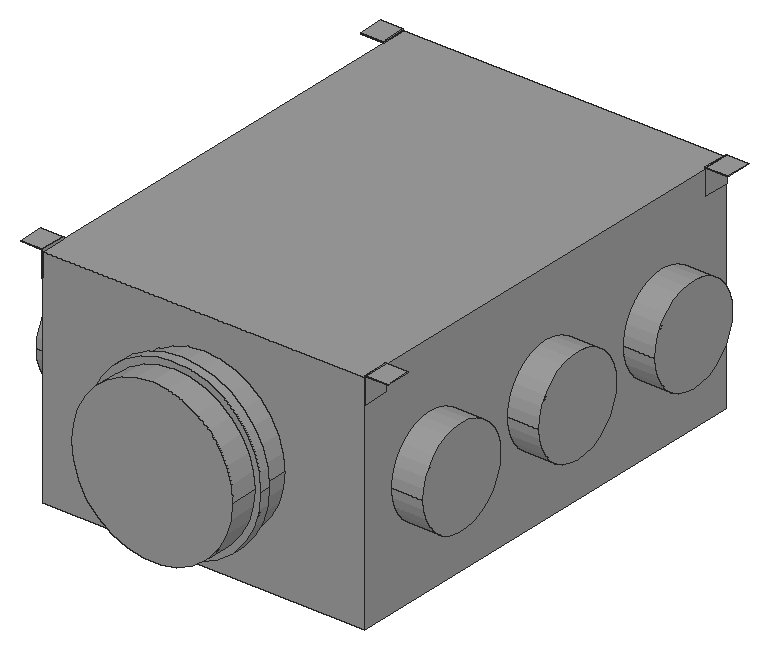
Revit family "FASU(F8-150 250Φ)", category ダクト付属品, Revit 2022
Family settings
  丸型コネクタ寸法 = 直径を使用
  パーツ タイプ = ダンパー
  OmniClass 番号 = 23.75.00.00
  OmniClass タイトル = Climate Control (HVAC)
  作業面ベース = いいえ
  常に垂直 = はい
  ロード時にボイドで切り取り = いいえ
  共有 = いいえ
Parameters
  高さ = 350 mm
  風量 = 0.0 L/s
  符号 = "FASU"
  形式 = "F8-150 250φ"
  幅 [instance] = 500 mm
  奥行き = 700 mm
  大きさ = 250 mm
  呼称 = "FASUチャンバー"
  付属品_下端レベル [instance] = 0 mm
  マテリアル [instance] = 既定値
  ダクト_イン = 250 mm
  ダクト_アウト = 150 mm
  既定の高さ = 0 mm
Reference planes
  plane 1 "中心(正面/背面)": y = 0
  plane 2: z = 0
  plane 3 "中心(左/右)": x = 0
  plane 4: x = -250
  plane 5: x = 250
  plane 6: y = -700
  plane 7: z = 350
  plane 8: z = 175
  plane 9: z = 266.963
  plane 10: z = 86.159
  plane 11: x = -251
  plane 12: z = 313.122
  plane 13: z = 352.122
  plane 14: y = -350
Forms (mm)
  Extrusion 1, solid, material "既定値" <- "マテリアル"
    sketch origin (0, 0, 0) x (1, 0, 0) y (0, 1, 0)
      loop
        line (-250, 0) -> (-250, -700) -> (250, -700) -> (250, 0) -> (-250, 0)
    from 0 to 350
  Extrusion 2, solid, material "既定値" <- "マテリアル"
    sketch origin (0, -30, 0) x (1, 0, 0) y (0, 1, 0)
      loop
        line (-250, 30) -> (-251, 30) -> (-251, -10) -> (-250, -10) -> (-250, 30)
    from 313.122 to 350
  Extrusion 3, solid, material "既定値" <- "マテリアル"
    sketch origin (0, -30, 0) x (1, 0, 0) y (0, 1, 0)
      loop
        line (-285, 30) -> (-285, -10) -> (-251, -10) -> (-251, 30) -> (-285, 30)
    from 352.122 to 350
  Extrusion 4, solid, material "既定値" <- "マテリアル"
    sketch origin (0, -30, 0) x (-1, 0, 0) y (0, -1, 0)
      loop
        line (-250, -30) -> (-250, 10) -> (-251, 10) -> (-251, -30) -> (-250, -30)
    from 313.122 to 353.122
  Extrusion 5, solid, material "既定値" <- "マテリアル"
    sketch origin (0, -30, 0) x (-1, 0, 0) y (0, -1, 0)
      loop
        line (-285, -30) -> (-251, -30) -> (-251, 10) -> (-285, 10) -> (-285, -30)
    from 352.122 to 353.122
  Extrusion 6, solid, material "既定値" <- "マテリアル"
    sketch origin (0, -490, 0) x (1, 0, 0) y (0, 1, 0)
      loop
        line (-285, -170) -> (-285, -210) -> (-251, -210) -> (-251, -170) -> (-285, -170)
    from 352.122 to 353.122
  Extrusion 7, solid, material "既定値" <- "マテリアル"
    sketch origin (0, -490, 0) x (1, 0, 0) y (0, 1, 0)
      loop
        line (-250, -170) -> (-251, -170) -> (-251, -210) -> (-250, -210) -> (-250, -170)
    from 313.122 to 353.122
  Extrusion 8, solid, material "既定値" <- "マテリアル"
    sketch origin (0, -490, 0) x (-1, 0, 0) y (0, -1, 0)
      loop
        line (-285, 170) -> (-251, 170) -> (-251, 210) -> (-285, 210) -> (-285, 170)
    from 352.122 to 353.122
  Extrusion 9, solid, material "既定値" <- "マテリアル"
    sketch origin (0, -490, 0) x (-1, 0, 0) y (0, -1, 0)
      loop
        line (-250, 170) -> (-250, 210) -> (-251, 210) -> (-251, 170) -> (-250, 170)
    from 313.122 to 353.122
  Extrusion 10, solid, material "既定値" <- "マテリアル"
    sketch origin (550, -582.5, 0) x (0, -1, 0) y (0, 0, -1)
      loop
        circle (-232.5, -175) r 74.985
    from -300 to -250
  Extrusion 11, solid, material "既定値" <- "マテリアル"
    sketch origin (-550, -582.5, 0) x (0, -1, 0) y (0, 0, 1)
      loop
        circle (-232.5, 175) r 74.985
    from -300 to -250
  Extrusion 12, solid, material "既定値" <- "マテリアル"
    sketch origin (550, -357.5, 0) x (0, -1, 0) y (0, 0, -1)
      loop
        circle (-232.5, -175) r 74.985
    from -300 to -250
  Extrusion 13, solid, material "既定値" <- "マテリアル"
    sketch origin (-550, -357.5, 0) x (0, -1, 0) y (0, 0, 1)
      loop
        circle (-232.5, 175) r 74.985
    from -300 to -250
  Extrusion 14, solid, material "既定値" <- "マテリアル"
    sketch origin (550, -142.5, 0) x (0, 1, 0) y (0, 0, 1)
      loop
        circle (-432.5, 175) r 74.985
    from -300 to -250
  Extrusion 15, solid, material "既定値" <- "マテリアル"
    sketch origin (0, -142.5, 0) x (0, 1, 0) y (0, 0, 1)
      loop
        circle (-432.5, 175) r 74.985
    from -300 to -250
  Extrusion 16, solid, material "既定値" <- "マテリアル"
    sketch origin (345.5, 300, 0) x (1, 0, 0) y (0, 0, -1)
      loop
        circle (-232.5, -175) r 74.985
    from -300 to -250
  Extrusion 17, solid, material "既定値" <- "マテリアル"
    sketch origin (-345.5, 300, 0) x (-1, 0, 0) y (0, 0, 1)
      loop
        circle (-232.5, 175) r 74.985
    from -300 to -250
  Extrusion 18, solid, material "既定値" <- "マテリアル"
    sketch origin (0, -230, 0) x (1, 0, 0) y (0, 0, 1)
      loop
        circle (0, 175) r 125
    from 470 to 512.5
  Extrusion 19, solid, material "既定値" <- "マテリアル"
    sketch origin (0, -230, 0) x (1, 0, 0) y (0, 0, 1)
      loop
        circle (0, 175) r 135
    from 512.5 to 527.5
  Extrusion 20, solid, material "既定値" <- "マテリアル"
    sketch origin (0, -317.5, 0) x (1, 0, 0) y (0, 0, 1)
      loop
        circle (0, 175) r 125
    from 440 to 482.5
Lines and regions (mm)
  model lines
    curve 1: line (-250, -30, 0) -> (250, -30, 0)
    curve 2: line (-250, -670, 0) -> (250, -670, 0)
Text (mm)
  text "FASU(F8-150 250Φ)" at (3.713, -630.412, 0), in view "参照レベル"
Dimensions and locks
  equal spacing: plane 4, plane 3 "中心(左/右)", plane 5
  "幅": plane 4 to plane 5
  "奥行き": plane 6 to plane 1 "中心(正面/背面)"
  "高さ": plane 7 to level
  equal spacing: plane 7, plane 8, level
  equal spacing: plane 6, plane 14, plane 1 "中心(正面/背面)"
  aligned and locked: level to plane 2
  aligned and locked: Extrusion 1 sketch curve to plane 5
  aligned and locked: plane 7 to Extrusion 1
  aligned and locked: Extrusion 2 sketch curve to Extrusion 1
  aligned and locked: plane 7 to Extrusion 2
  aligned and locked: Extrusion 3 sketch curve to Extrusion 2
  aligned and locked: Extrusion 2 to Extrusion 3 sketch curve
  aligned and locked: plane 7 to Extrusion 3
  aligned and locked: Extrusion 3 to plane 13
  aligned and locked: Extrusion 4 to Extrusion 5 sketch curve
  aligned and locked: Extrusion 5 sketch curve to Extrusion 4
  aligned and locked: Extrusion 1 to Extrusion 8
  aligned and locked: Extrusion 6 to Extrusion 1
  aligned and locked: Extrusion 7 to Extrusion 1
  aligned and locked: Extrusion 1 to Extrusion 9
  aligned and locked: Extrusion 9 to Extrusion 8
  aligned and locked: Extrusion 7 to Extrusion 6
  aligned and locked: plane 4 to Extrusion 7
  aligned and locked: Extrusion 9 to plane 5
  aligned and locked: plane 4 to curve 1
  aligned and locked: plane 5 to curve 1
  aligned and locked: plane 5 to curve 2
  aligned and locked: Extrusion 1 to Extrusion 3
  aligned and locked: Extrusion 5 to Extrusion 1
  aligned and locked: Extrusion 4 to plane 5
  aligned and locked: Extrusion 1 to plane 6
  aligned and locked: Extrusion 1 to plane 1 "中心(正面/背面)"
  aligned and locked: Extrusion 12 to plane 5
  aligned and locked: plane 4 to Extrusion 13
  aligned and locked: Extrusion 14 to plane 5
  aligned and locked: plane 4 to Extrusion 15
  aligned and locked: plane 1 "中心(正面/背面)" to Extrusion 16
  aligned and locked: plane 1 "中心(正面/背面)" to Extrusion 17
  aligned and locked: Extrusion 19 to Extrusion 20
  aligned and locked: Extrusion 19 to Extrusion 18
  aligned and locked: plane 6 to Extrusion 18
Automatic sketch dimensions
  Extrusion 10 sketch curve to plane 8 = 0 mm
  Extrusion 10 sketch curve to plane 14 = 0 mm
  Extrusion 11 sketch curve to plane 8 = 0 mm
  Extrusion 11 sketch curve to plane 14 = 0 mm
  Extrusion 16 sketch curve to plane 8 = 0 mm
  plane 3 "中心(左/右)" to Extrusion 16 sketch curve = 113 mm
  Extrusion 17 sketch curve to plane 8 = 0 mm
  Extrusion 17 sketch curve to plane 3 "中心(左/右)" = 113 mm
  curve 2 to plane 4 = 0 mm
  plane 6 to curve 2 = 30 mm
  plane 1 "中心(正面/背面)" to curve 1 = 30 mm
  Extrusion 1 sketch curve to plane 4 = 0 mm
  Extrusion 1 sketch curve to plane 6 = 0 mm
  plane 1 "中心(正面/背面)" to Extrusion 1 sketch curve = 0 mm
  plane 1 "中心(正面/背面)" to Extrusion 2 sketch curve = 0 mm
  Extrusion 2 sketch curve to plane 11 = 0 mm
  Extrusion 2 sketch curve to Extrusion 2 sketch curve = 40 mm
  plane 1 "中心(正面/背面)" to Extrusion 3 sketch curve = 0 mm
  Extrusion 3 sketch curve to Extrusion 3 sketch curve = 34 mm
  plane 1 "中心(正面/背面)" to Extrusion 4 sketch curve = 0 mm
  Extrusion 4 sketch curve to plane 5 = 0 mm
  Extrusion 4 sketch curve to Extrusion 4 sketch curve = 1 mm
  Extrusion 4 sketch curve to Extrusion 4 sketch curve = 40 mm
  plane 1 "中心(正面/背面)" to Extrusion 5 sketch curve = 0 mm
  Extrusion 5 sketch curve to Extrusion 5 sketch curve = 34 mm
  Extrusion 6 sketch curve to plane 6 = 0 mm
  Extrusion 6 sketch curve to plane 11 = 0 mm
  Extrusion 6 sketch curve to plane 11 = 34 mm
  plane 6 to Extrusion 6 sketch curve = 40 mm
  Extrusion 7 sketch curve to plane 11 = 0 mm
  Extrusion 7 sketch curve to plane 4 = 0 mm
  Extrusion 7 sketch curve to plane 6 = 0 mm
  plane 6 to Extrusion 7 sketch curve = 40 mm
  Extrusion 8 sketch curve to plane 6 = 0 mm
  Extrusion 8 sketch curve to plane 5 = 35 mm
  Extrusion 8 sketch curve to plane 5 = 1 mm
  Extrusion 8 sketch curve to Extrusion 8 sketch curve = 40 mm
  Extrusion 9 sketch curve to plane 6 = 0 mm
  Extrusion 9 sketch curve to plane 5 = 0 mm
  Extrusion 9 sketch curve to Extrusion 9 sketch curve = 1 mm
  Extrusion 9 sketch curve to Extrusion 9 sketch curve = 40 mm
  Extrusion 12 sketch curve to plane 8 = 0 mm
  plane 1 "中心(正面/背面)" to Extrusion 12 sketch curve = 125 mm
  Extrusion 13 sketch curve to plane 8 = 0 mm
  plane 1 "中心(正面/背面)" to Extrusion 13 sketch curve = 125 mm
  Extrusion 14 sketch curve to plane 8 = 0 mm
  plane 6 to Extrusion 14 sketch curve = 125 mm
  Extrusion 15 sketch curve to plane 8 = 0 mm
  plane 6 to Extrusion 15 sketch curve = 125 mm
  Extrusion 18 sketch curve to plane 3 "中心(左/右)" = 0 mm
  Extrusion 18 sketch curve to plane 8 = 0 mm
  Extrusion 19 sketch curve to plane 3 "中心(左/右)" = 0 mm
  Extrusion 19 sketch curve to plane 8 = 0 mm
  Extrusion 20 sketch curve to plane 3 "中心(左/右)" = 0 mm
  Extrusion 20 sketch curve to plane 8 = 0 mm
  radius of Extrusion 10 sketch curve = 74.985 mm
  radius of Extrusion 11 sketch curve = 74.985 mm
  radius of Extrusion 16 sketch curve = 74.985 mm
  radius of Extrusion 17 sketch curve = 74.985 mm
  radius of Extrusion 12 sketch curve = 74.985 mm
  radius of Extrusion 13 sketch curve = 74.985 mm
  radius of Extrusion 14 sketch curve = 74.985 mm
  radius of Extrusion 15 sketch curve = 74.985 mm
  radius of Extrusion 18 sketch curve = 125 mm
  radius of Extrusion 19 sketch curve = 135 mm
  radius of Extrusion 20 sketch curve = 125 mm
Connectors
  hvac at (-300, -575, 175), driven by "ダクト_アウト"
    settings: on Extrusion 15, index 1, duct flow 0.0 L/s, flow factor 0, pres drop 0.0 Pa, loss coef 0, conn angle 0.00°, conn width 304.8 mm, conn height 304.8 mm, conn diameter 150 mm, duct sys type 29, conn prof type 0, flow config 0, flow direction 2, loss method 0, conn ref index -1, conn util no, is conn primary yes, conn desc ""
  hvac at (-300, -350, 175), driven by "ダクト_アウト"
    settings: on Extrusion 11, index 2, duct flow 0.0 L/s, flow factor 0, pres drop 0.0 Pa, loss coef 0, conn angle 0.00°, conn width 304.8 mm, conn height 304.8 mm, conn diameter 150 mm, duct sys type 29, conn prof type 0, flow config 0, flow direction 2, loss method 0, conn ref index -1, conn util no, is conn primary no, conn desc ""
  hvac at (-300, -125, 175), driven by "ダクト_アウト"
    settings: on Extrusion 13, index 3, duct flow 0.0 L/s, flow factor 0, pres drop 0.0 Pa, loss coef 0, conn angle 0.00°, conn width 304.8 mm, conn height 304.8 mm, conn diameter 150 mm, duct sys type 29, conn prof type 0, flow config 0, flow direction 2, loss method 0, conn ref index -1, conn util no, is conn primary no, conn desc ""
  hvac at (-113, 50, 175), driven by "ダクト_アウト"
    settings: on Extrusion 17, index 4, duct flow 0.0 L/s, flow factor 0, pres drop 0.0 Pa, loss coef 0, conn angle 0.00°, conn width 304.8 mm, conn height 304.8 mm, conn diameter 150 mm, duct sys type 29, conn prof type 0, flow config 0, flow direction 2, loss method 0, conn ref index -1, conn util no, is conn primary no, conn desc ""
  hvac at (113, 50, 175), driven by "ダクト_アウト"
    settings: on Extrusion 16, index 5, duct flow 0.0 L/s, flow factor 0, pres drop 0.0 Pa, loss coef 0, conn angle 0.00°, conn width 304.8 mm, conn height 304.8 mm, conn diameter 150 mm, duct sys type 29, conn prof type 0, flow config 0, flow direction 2, loss method 0, conn ref index -1, conn util no, is conn primary no, conn desc ""
  hvac at (300, -125, 175), driven by "ダクト_アウト"
    settings: on Extrusion 12, index 6, duct flow 0.0 L/s, flow factor 0, pres drop 0.0 Pa, loss coef 0, conn angle 0.00°, conn width 304.8 mm, conn height 304.8 mm, conn diameter 150 mm, duct sys type 29, conn prof type 0, flow config 0, flow direction 2, loss method 0, conn ref index -1, conn util no, is conn primary no, conn desc ""
  hvac at (300, -350, 175), driven by "ダクト_アウト"
    settings: on Extrusion 10, index 7, duct flow 0.0 L/s, flow factor 0, pres drop 0.0 Pa, loss coef 0, conn angle 0.00°, conn width 304.8 mm, conn height 304.8 mm, conn diameter 150 mm, duct sys type 29, conn prof type 0, flow config 0, flow direction 2, loss method 0, conn ref index -1, conn util no, is conn primary no, conn desc ""
  hvac at (300, -575, 175), driven by "ダクト_アウト"
    settings: on Extrusion 14, index 8, duct flow 0.0 L/s, flow factor 0, pres drop 0.0 Pa, loss coef 0, conn angle 0.00°, conn width 304.8 mm, conn height 304.8 mm, conn diameter 150 mm, duct sys type 29, conn prof type 0, flow config 0, flow direction 2, loss method 0, conn ref index -1, conn util no, is conn primary no, conn desc ""
  hvac at (0, -800, 175), driven by "ダクト_イン"
    settings: on Extrusion 20, index 18, duct flow 0.0 L/s, flow factor 0, pres drop 0.0 Pa, loss coef 0, conn angle 0.00°, conn width 304.8 mm, conn height 304.8 mm, conn diameter 250 mm, duct sys type 1, conn prof type 0, flow config 0, flow direction 1, loss method 0, conn ref index -1, conn util no, is conn primary no, conn desc ""
